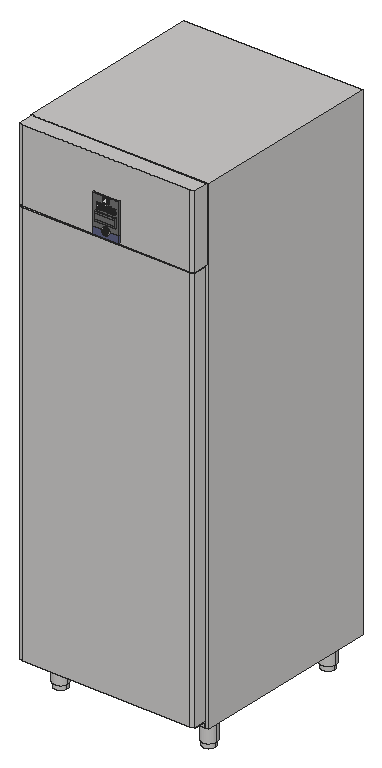
Revit family "QF_ELECTROLUXPROFESSIONAL_725245_REX71FFRCO2", category Specialty Equipment, Revit 2018
Family settings
  Round Connector Dimension = Use Diameter
  Part Type = Normal
  Work Plane-Based = No
  Always vertical = Yes
  Cut with Voids When Loaded = No
  Shared = No
  Room Calculation Point = No
Parameters (values of type "Standard")
  Weight = 102.00 kg
  Watts = 0 W
  Volts = 220 V
  URL Manufacturer = "http://professional.electrolux.com"
  URL = "http://professional.electrolux.com"
  Steam Supply Size = 0 mm
  Steam Supply Minimum Pressure = 0.0 Pa
  Steam Supply Maximum Pressure = 0.0 Pa
  Steam Pounds per Hour = 0
  Refrigeration Suction Line Size = 0.031 mm
  Refrigeration Liquid Line Size = 0.02 mm
  Refrigerant Compressor Remote = yes
  Manufacturer = "Electrolux Professional"
  Phase = 1
  Model = "REX71FFRCO2"
  Length Actual = 710 mm  # constant formula
  Item Number = "725245"
  Hot Water Size = 0 mm
  Height Actual = 2050 mm  # constant formula
  HP = "0.2 HP"
  Gas Size = 0 mm
  Gas KW = 0
  Gas Input Pressure = 0 W
  Direct Waste Size = 0 mm
  Description = "1-DOOR FREEZER 670L -22/-15°C,DIGITAL,REM, CO2 W/VALVE"
  Depth Actual = 835 mm  # constant formula
  Cycle = 60 Hz
  Condensate Return Size = 0 mm
  Compressed Air Volume = 0.0 L/s
  Compressed Air Size = 0 mm
  Compressed Air Pressure = 0.0 Pa
  Cold Water Size = 0 mm
  Accessory = yes
Reference planes
  plane 1 "Center (Front/Back)": y = 0
  plane 2: z = 0
  plane 3 "Center (Left/Right)": x = 0
  plane 4 "BASE": z = 110
  plane 5 "TOP": z = 2050
  plane 6 "FRONT": y = -417.5
  plane 7 "BACK": y = 417.5
  plane 8 "LEFT": x = -355
  plane 9 "RIGHT": x = 355
  plane 10 "RO_X": y = -166.5
  plane 11 "RO_Y": x = -245
  plane 12 "REMOTE_Z": z = 1802
  plane 13 "RI_Y": x = -205
  plane 14 "RI_X": y = -187.5
Forms (mm)
  Extrusion 1, solid, material "QF_Finishes_Stainless Steel"
    sketch origin (0, 0, 0) x (1, 0, 0) y (0, 1, 0)
      loop
        circle (-278, 344.5) r 25
      loop
        circle (278, 344.5) r 25
      loop
        circle (-295, -269.5) r 25
      loop
        circle (295, -269.5) r 25
    from 0 to 20
  Extrusion 2, solid, material "QF_Finishes_Stainless Steel"
    sketch origin (0, 0, 0) x (1, 0, 0) y (0, 1, 0)
      loop
        circle (-278, 344.5) r 30
      loop
        circle (278, 344.5) r 30
      loop
        circle (295, -269.5) r 30
      loop
        circle (-295, -269.5) r 30
    from 20 to 110
  Extrusion 3, solid, material "QF_Finishes_Stainless Steel"
    sketch origin (0, 0, 110) x (-1, 0, 0) y (0, -1, 0)
      loop
        line (355, -417.5) -> (355, 345.5) -> (-355, 345.5) -> (-355, -417.5) -> (355, -417.5)
    from 0 to 1940
  Extrusion 4, solid
    sketch origin (0, 417.5, 1660) x (-1, 0, 0) y (0, 0, 1)
      loop
        circle (339, 124) r 10
    from 0 to 3.2
  Extrusion 5, solid, material "QF_Door-Drawer Clearances", detail levels coarse
    sketch origin (0, 0, 110) x (-1, 0, 0) y (0, -1, 0)
      loop
        line (-345, 409.5) -> (-283, 409.5) -> (-283, 1006.5) -> (-301, 1006.5) -> (-301, 1024.5) -> (-323, 1024.5) -> (-323, 1062.5) -> (-345, 1062.5) -> (-345, 409.5)
    from 1642.965 to 28
  Extrusion 6, solid, material "QF_Door-Drawer Clearances", detail levels coarse
    sketch origin (0, 0, 110) x (-1, 0, 0) y (0, -1, 0)
      loop
        line (-283, 409.5) -> (347, 409.5)
        arc (347, 409.5) -> (150.684, 878.295) -> (-323, 1062.5) r 650
        line (-323, 1062.5) -> (-323, 1024.5) -> (-301, 1024.5) -> (-301, 1006.5) -> (-283, 1006.5) -> (-283, 409.5)
    from 1642.965 to 28
  Extrusion 7, solid, material "QF_Clearances", detail levels coarse
    sketch origin (0, 0, 110) x (-1, 0, 0) y (0, -1, 0)
      loop
        line (355, 417.5) -> (355, -417.5) -> (-355, -417.5) -> (-355, 417.5) -> (-385, 417.5) -> (-385, -447.5) -> (385, -447.5) -> (385, 417.5) -> (355, 417.5)
    from -110 to 1940
  Extrusion 8, solid, material "QF_Clearances", detail levels coarse
    sketch origin (0, 0, 2050) x (-1, 0, 0) y (0, -1, 0)
      loop
        line (385, -447.5) -> (385, 417.5) -> (-385, 417.5) -> (-385, -447.5) -> (385, -447.5)
    from 0 to 500
  Extrusion 9, void
    sketch origin (0, 417.5, 0) x (-1, 0, 0) y (0, 0, 1)
      loop
        line (280, 1724.965) -> (-280, 1724.965) -> (-280, 180) -> (0, 170) -> (280, 179.676) -> (280, 1724.965)
    from -56 to -763
  Extrusion 10, solid, material "QF_Finishes_Stainless Steel"
    sketch origin (0, 0, 2050) x (-1, 0, 0) y (0, -1, 0)
      loop
        circle (245, 166.5) r 4.75
    from -141.254 to -29
  Extrusion 11, solid, material "QF_Finishes_Stainless Steel"
    sketch origin (0, 0, 0) x (0, 1, 0) y (0, 0, 1)
      loop
        circle (-187.5, 1855) r 3
    from -90.986 to -205
Cuts and joins
  joined: Extrusion 7, Extrusion 8
  Extrusion 9 cuts Extrusion 3
Lines and regions (mm)
  symbolic lines, style "SpecialityEquipmentHiddenLines"
    curve 1: line (345, -409.5, 110) -> (345, -1062.5, 110)
    curve 2: line (345, -1062.5, 110) -> (323, -1062.5, 110)
    curve 3: line (283, -409.5, 110) -> (283, -1006.5, 110)
    curve 4: line (323, -1062.5, 110) -> (323, -1024.5, 110)
    curve 5: line (323, -1024.5, 110) -> (301, -1024.5, 110)
    curve 6: line (301, -1024.5, 110) -> (301, -1006.5, 110)
    curve 7: line (301, -1006.5, 110) -> (283, -1006.5, 110)
    curve 8: arc (-347, -409.5, 110) -> (-150.684, -878.295, 110) -> (323, -1062.5, 110) r 650
  symbolic lines, style "QF_Clearances", detail levels coarse
    curve 9: line (-355, -417.5, 2050) -> (-385, -417.5, 2050)
    curve 10: line (-385, -417.5, 2050) -> (-385, 447.5, 2050)
    curve 11: line (-385, 447.5, 2050) -> (385, 447.5, 2050)
    curve 12: line (385, 447.5, 2050) -> (385, -417.5, 2050)
    curve 13: line (385, -417.5, 2050) -> (355, -417.5, 2050)
  symbolic lines
    curve 14: line (355, 417.5, 2050) -> (-355, 417.5, 2050)
    curve 15: line (355, -345.5, 2050) -> (355, 417.5, 2050)
    curve 16: line (-355, -345.5, 2050) -> (355, -345.5, 2050)
    curve 17: line (-355, 417.5, 2050) -> (-355, -345.5, 2050)
Dimensions and locks
  equal spacing: plane 7 "BACK", plane 1 "Center (Front/Back)", plane 6 "FRONT"
  equal spacing: plane 8 "LEFT", plane 3 "Center (Left/Right)", plane 9 "RIGHT"
  plane 8 "LEFT" to plane 9 "RIGHT" = 710 mm
  plane 7 "BACK" to plane 6 "FRONT" = 835 mm
  plane 5 "TOP" to plane 2 = 2050 mm
  plane 7 "BACK" to plane 10 "RO_X" = 584 mm
  plane 8 "LEFT" to plane 11 "RO_Y" = 110 mm
  Extrusion 10 to plane 12 "REMOTE_Z" = 219 mm
  plane 14 "RI_X" to plane 7 "BACK" = 605 mm
  aligned and locked: level to plane 2
Automatic sketch dimensions
  Extrusion 3 sketch curve to plane 7 "BACK" = 0 mm
  Extrusion 3 sketch curve to plane 9 "RIGHT" = 0 mm
  Extrusion 3 sketch curve to plane 8 "LEFT" = 0 mm
  plane 8 "LEFT" to Extrusion 4 sketch curve = 16 mm
  plane 4 "BASE" to Extrusion 4 sketch curve = 1674 mm
  plane 9 "RIGHT" to curve 1 = 10 mm
  curve 1 to curve 2 = 22 mm
  plane 6 "FRONT" to curve 8 = 4.692 mm
  curve 7 to plane 6 "FRONT" = 589 mm
  curve 6 to curve 5 = 18 mm
  curve 4 to curve 2 = 38 mm
  plane 6 "FRONT" to curve 8 = 8 mm
  plane 6 "FRONT" to curve 1 = 8 mm
  plane 6 "FRONT" to curve 3 = 8 mm
  plane 9 "RIGHT" to Extrusion 5 sketch curve = 10 mm
  Extrusion 5 sketch curve to plane 6 "FRONT" = 589 mm
  Extrusion 5 sketch curve to Extrusion 5 sketch curve = 18 mm
  Extrusion 5 sketch curve to Extrusion 5 sketch curve = 38 mm
  plane 6 "FRONT" to Extrusion 5 sketch curve = 8 mm
  plane 6 "FRONT" to Extrusion 6 sketch curve = 4.692 mm
  Extrusion 6 sketch curve to Extrusion 6 sketch curve = 18 mm  (x2)
  Extrusion 6 sketch curve to Extrusion 6 sketch curve = 38 mm
  plane 8 "LEFT" to Extrusion 6 sketch curve = 8 mm
  plane 6 "FRONT" to Extrusion 6 sketch curve = 8 mm
  Extrusion 7 sketch curve to plane 6 "FRONT" = 0 mm  (x2)
  Extrusion 7 sketch curve to plane 7 "BACK" = 0 mm
  Extrusion 7 sketch curve to plane 9 "RIGHT" = 0 mm
  Extrusion 7 sketch curve to plane 8 "LEFT" = 0 mm
  Extrusion 7 sketch curve to plane 9 "RIGHT" = 30 mm
  Extrusion 7 sketch curve to plane 8 "LEFT" = 30 mm
  plane 7 "BACK" to Extrusion 7 sketch curve = 30 mm
  Extrusion 8 sketch curve to plane 6 "FRONT" = 0 mm
  Extrusion 8 sketch curve to plane 9 "RIGHT" = 30 mm
  Extrusion 8 sketch curve to plane 8 "LEFT" = 30 mm
  plane 7 "BACK" to Extrusion 8 sketch curve = 30 mm
  plane 8 "LEFT" to Extrusion 1 sketch curve = 60 mm
  plane 8 "LEFT" to Extrusion 1 sketch curve = 77 mm
  plane 9 "RIGHT" to Extrusion 1 sketch curve = 77 mm
  plane 9 "RIGHT" to Extrusion 1 sketch curve = 60 mm
  plane 6 "FRONT" to Extrusion 1 sketch curve = 148 mm  (x2)
  Extrusion 1 sketch curve to plane 7 "BACK" = 73 mm  (x2)
  plane 8 "LEFT" to Extrusion 2 sketch curve = 60 mm
  plane 8 "LEFT" to Extrusion 2 sketch curve = 77 mm
  plane 9 "RIGHT" to Extrusion 2 sketch curve = 77 mm
  plane 9 "RIGHT" to Extrusion 2 sketch curve = 60 mm
  plane 6 "FRONT" to Extrusion 2 sketch curve = 148 mm  (x2)
  Extrusion 2 sketch curve to plane 7 "BACK" = 73 mm  (x2)
  plane 6 "FRONT" to Extrusion 3 sketch curve = 72 mm
  curve 1 to curve 8 = 42.008 mm
  curve 4 to curve 5 = 22 mm
  curve 6 to curve 3 = 18 mm
  plane 9 "RIGHT" to Extrusion 5 sketch curve = 32 mm
  Extrusion 5 sketch curve to Extrusion 5 sketch curve = 22 mm
  Extrusion 5 sketch curve to Extrusion 5 sketch curve = 62 mm
  plane 9 "RIGHT" to Extrusion 6 sketch curve = 72 mm
  Extrusion 6 sketch curve to Extrusion 6 sketch curve = 19.992 mm
  Extrusion 6 sketch curve to Extrusion 6 sketch curve = 22 mm
  Extrusion 9 sketch curve to plane 3 "Center (Left/Right)" = 0 mm
  plane 8 "LEFT" to Extrusion 9 sketch curve = 75 mm
  plane 4 "BASE" to Extrusion 9 sketch curve = 60 mm
  plane 4 "BASE" to Extrusion 9 sketch curve = 69.676 mm
  Extrusion 9 sketch curve to plane 5 "TOP" = 325.035 mm
  plane 9 "RIGHT" to Extrusion 9 sketch curve = 75 mm
  Extrusion 9 sketch curve to Extrusion 9 sketch curve = 0.324 mm
  Extrusion 10 sketch curve to plane 10 "RO_X" = 0 mm
  Extrusion 10 sketch curve to plane 11 "RO_Y" = 0 mm
  Extrusion 11 sketch curve to plane 10 "RO_X" = 21 mm
  Extrusion 11 sketch curve to plane 12 "REMOTE_Z" = 53 mm
  curve 12 to plane 6 "FRONT" = 0 mm
  curve 15 to plane 7 "BACK" = 0 mm
  curve 15 to plane 9 "RIGHT" = 0 mm
  curve 13 to plane 9 "RIGHT" = 0 mm
  curve 17 to plane 8 "LEFT" = 0 mm
  curve 9 to plane 6 "FRONT" = 0 mm
  curve 9 to plane 8 "LEFT" = 0 mm
  curve 12 to plane 9 "RIGHT" = 30 mm
  curve 9 to curve 10 = 30 mm
  plane 7 "BACK" to curve 12 = 30 mm
  plane 6 "FRONT" to curve 15 = 72 mm
  radius of Extrusion 1 sketch curve = 25 mm  (x4)
  radius of Extrusion 2 sketch curve = 30 mm  (x4)
  radius of Extrusion 4 sketch curve = 10 mm
  radius of Extrusion 10 sketch curve = 4.75 mm
  radius of Extrusion 11 sketch curve = 3 mm
Nested families
  nested 1: "QF_725245_Door" at (0, -345.5, 968.365) x (1, 0, 0) z (0, -1, 0), type "QF_725245_Door"
    with Show Clearance yes
  nested 2: "Freezer" at (355, -417.5, 2050), type "Freezer"
Connectors
  electrical at (-339, 420.7, 1784), driven by "Volts"
    settings: on Extrusion 4, index 2, voltage 220 V, apparent load 0 VA, apparent load phase1 0 VA, apparent load phase2 0 VA, apparent load phase3 0 VA, power factor 1, load classification "Other", number of poles 1, system type 30, power factor state 1, is connector primary yes, connector utility no, sub classification motor no, connector description "Electrical Connection"
  piping at (-245, -166.5, 2021), diameter 9.5
    settings: on Extrusion 10, index 3, connector inside diameter 609.6 mm, connector length 0 mm, flow factor 0, pipe flow 0.0 L/s, pressure drop 0.0 Pa, fitting loss kfactor 0, connector angle 0.00°, fixture units 0, engagement length 0 mm, angle of deflection 0.00°, flow configuration 1, flow direction 2, fitting loss method 0, system type 8, joint type 0, gender type 0, connector reference index -1, connector utility 0, adjustable connector no, is connector primary yes, connector description "Refrigerant Outlet"
  piping at (-205, -187.5, 1855), diameter 6
    settings: on Extrusion 11, index 4, connector inside diameter 609.6 mm, connector length 0 mm, flow factor 0, pipe flow 0.0 L/s, pressure drop 0.0 Pa, fitting loss kfactor 0, connector angle 0.00°, fixture units 0, engagement length 0 mm, angle of deflection 0.00°, flow configuration 1, flow direction 1, fitting loss method 0, system type 7, joint type 0, gender type 0, connector reference index -1, connector utility 0, adjustable connector no, is connector primary no, connector description "Refrigerant Inlet"
Definition of nested family "QF_725245_Door"
  Parameters
    Show Clearance [instance] = yes
    Model = "725226"
    Default Elevation = 0 mm
  Reference planes
    plane 1 "Center (Front/Back)": y = 0
    plane 2: z = 0
    plane 3 "Center (Left/Right)": x = 0
  Forms (mm)
    Extrusion 1, solid
      sketch origin (0, -919.2, 0) x (1, 0, 0) y (0, 1, 0)
        loop
          line (-460, 2119.2) -> (-460, -162.846) -> (488.967, -162.846) -> (488.967, 2119.2) -> (-460, 2119.2)
      from 0 to -59.546
    Extrusion 2, solid
      sketch origin (0, 0, 0) x (1, 0, 0) y (0, 0, 1)
        loop
          line (-347, 60) -> (-347, 0) -> (347, 0) -> (347, 60) -> (332, 64) -> (-332, 64) -> (-347, 60)
      from -1081.6 to -791.6
    Extrusion 3, solid
      sketch origin (0, 0, 0) x (1, 0, 0) y (0, 0, 1)
        loop
          line (-347, 60) -> (-347, 26) -> (-325, 26) -> (-325, 8) -> (-307, 8) -> (-307, 0) -> (339, 0) -> (339, 8) -> (347, 8) -> (347, 60) -> (332, 64) -> (-332, 64) -> (-347, 60)
      from -784.6 to 830.4
    Extrusion 4, solid
      sketch origin (119, -516.365, 0) x (0, 1, 0) y (0, 0, 1)
        loop
          line (-323.003, 40.312) -> (-316.501, 40.312) -> (-316.501, 42.812) -> (-325.503, 42.812) -> (-325.503, 2.5) -> (-342, 2.5) -> (-342, 0) -> (-323.003, 0) -> (-323.003, 12.259) -> (-323.003, 40.312)
        loop
          line (-314, 38.311) -> (-316.501, 38.311) -> (-316.501, 14.304) -> (-319.752, 14.304) -> (-319.752, 11.804) -> (-314, 11.804) -> (-314, 38.311)
      from 185 to 220
    Extrusion 5, solid
      sketch origin (119, 469.597, 0) x (0, 1, 0) y (0, 0, 1)
        loop
          line (315.003, 27.948) -> (315.003, 2.948) -> (315.003, 0) -> (322.003, 0) -> (322.003, 2.5) -> (317.503, 2.5) -> (317.503, 27.948) -> (315.003, 27.948)
      from 185 to 220
  Lines and regions (mm)
    symbolic lines
      curve 1: line (-332, 0, 64) -> (332, 0, 64)
      curve 2: line (-347, 0, 0) -> (-347, 0, 60)
      curve 3: line (347, 0, 0) -> (-347, 0, 0)
      curve 4: line (347, 0, 60) -> (347, 0, 0)
      curve 5: line (-347, 0, 26) -> (-325, 0, 26)
      curve 6: line (-325, 0, 26) -> (-325, 0, 8)
      curve 7: line (-325, 0, 8) -> (-307, 0, 8)
      curve 8: line (-307, 0, 8) -> (-307, 0, 0)
      curve 9: line (339, 0, 8) -> (347, 0, 8)
      curve 10: line (339, 0, 8) -> (339, 0, 0)
      curve 11: line (-332, 0, 64) -> (-347, 0, 60)
      curve 12: line (332, 0, 64) -> (347, 0, 60)
  Dimensions and locks
    aligned and locked: plane 2 to Extrusion 1
    aligned and locked: level to Extrusion 1
  Nested families
    nested 1: "QF_DisplayStandardCabinets" at (0, 863.6, 64), type "QF_DisplayStandardCabinets"
      with Show Clearance yes
  Definition of nested family "QF_DisplayStandardCabinets"
    Parameters
      Show Clearance [instance] = yes
      Model = "728658"
      Default Elevation = 1219.2 mm
    Reference planes
      plane 1 "Center (Front/Back)": y = 0
      plane 2: z = 0
      plane 3 "Center (Left/Right)": x = 0
    Forms (mm)
      Extrusion 1, solid
        sketch origin (0, -919.2, 0) x (1, 0, 0) y (0, 1, 0)
          loop
            line (-198.75, 1146.2) -> (-198.75, 709.567) -> (165.741, 709.567) -> (165.741, 1146.2) -> (-198.75, 1146.2)
        from 0 to -59.546
      Extrusion 2, solid
        sketch origin (-59, -44.611, 0) x (0, 1, 0) y (-1, 0, 0)
          loop
            circle (0.611, -59) r 14
        from 4 to 7
      Extrusion 3, solid
        sketch origin (744.635, 320.889, 0) x (0, 1, 0) y (-1, 0, 0)
          loop
            circle (-364.889, 744.635) r 10
          loop
            circle (-364.889, 744.635) r 9
        from 4 to 8
      Extrusion 4, solid
        sketch origin (744.635, 320.889, 0) x (0, 1, 0) y (-1, 0, 0)
          loop
            circle (-364.889, 744.635) r 8.7
        from 4 to 8
      Extrusion 5, void
        sketch origin (744.635, 320.889, 0) x (0, 1, 0) y (-1, 0, 0)
          loop
            line (-372.339, 745.885) -> (-372.339, 743.385) -> (-362.339, 743.385) -> (-362.339, 745.885) -> (-372.339, 745.885)
        from 8.592 to 6.269
      Extrusion 6, solid
        sketch origin (744.635, 320.889, 0) x (0, 1, 0) y (-1, 0, 0)
          loop
            line (-372.339, 745.885) -> (-372.339, 743.385) -> (-362.339, 743.385) -> (-362.339, 745.885) -> (-372.339, 745.885)
        from 6 to 8
      Extrusion 7, solid
        sketch origin (0, 0, 0) x (1, 0, 0) y (0, 1, 0)
          loop
            line (-51.473, 80) -> (-51.473, -44) -> (-14, -44)
            arc (-14, -44) -> (0, -30) -> (14, -44) r 14
            line (14, -44) -> (50.954, -44) -> (50.954, 80) -> (-51.473, 80)
        from 0 to 4
      Extrusion 8, solid
        sketch origin (0, -30, 0) x (0, 1, 0) y (0, 0, 1)
          loop
            line (10.404, 4) -> (17.404, 4) -> (17.404, 8)
            arc (17.404, 8) -> (13.868, 7.749) -> (10.404, 7) r 25
            line (10.404, 7) -> (10.404, 4)
          loop
            arc (47.404, 7) -> (43.939, 7.749) -> (40.404, 8) r 25
            line (40.404, 8) -> (40.404, 4) -> (47.404, 4) -> (47.404, 7)
        from 40 to -40
      Extrusion 9, solid
        sketch origin (0, -30, 0) x (1, 0, 0) y (0, 1, 0)
          loop
            line (-40, 40.404) -> (-40, 17.404) -> (40, 17.404) -> (40, 40.404) -> (-40, 40.404)
        from 8 to 4
      Extrusion 10, solid
        sketch origin (46.005, 87.683, 0) x (1, 0, 0) y (0, 1, 0)
          loop
            line (-43.063, -13.359) -> (-43.063, -33.154)
            arc (-43.063, -33.154) -> (-35.746, -23.257) -> (-43.063, -13.359) r 10.352
          loop
            arc (-44.07, -13.359) -> (-52.302, -15.23) -> (-56.268, -22.683) r 10.145
            line (-56.268, -22.683) -> (-52.994, -22.683)
            arc (-52.994, -22.683) -> (-47.143, -20.308) -> (-44.07, -14.793) r 9.509
            line (-44.07, -14.793) -> (-44.07, -13.359)
          loop
            arc (-44.07, -31.721) -> (-47.143, -26.205) -> (-52.994, -23.831) r 9.509
            line (-52.994, -23.831) -> (-56.268, -23.831)
            arc (-56.268, -23.831) -> (-52.309, -31.345) -> (-44.07, -33.408) r 10.411
            line (-44.07, -33.408) -> (-44.07, -31.721)
          loop
            line (-57.02, -12.279) -> (-57.02, -34.279) -> (-34.99, -34.279) -> (-34.99, -12.279) -> (-57.02, -12.279)
        from 4 to 5.6
      Extrusion 11, solid
        sketch origin (-12.866, 61.032, 0) x (1, 0, 0) y (0, 1, 0)
          loop
            line (-15.272, -12.492) -> (-22.708, -12.492) -> (-22.708, -21.151)
            arc (-22.708, -21.151) -> (-21.729, -23.514) -> (-19.367, -24.492) r 3.341
            line (-19.367, -24.492) -> (-15.128, -24.492) -> (-15.128, -22.55) -> (-18.883, -22.55)
            arc (-18.883, -22.55) -> (-20.117, -22.133) -> (-20.642, -20.941) r 1.615
            line (-20.642, -20.941) -> (-20.642, -19.224) -> (-15.593, -19.224) -> (-15.593, -17.274) -> (-20.642, -17.274) -> (-20.642, -14.436) -> (-15.272, -14.436) -> (-15.272, -12.492)
          loop
            line (-13.66, -12.492) -> (-13.66, -24.492) -> (-11.593, -24.492) -> (-11.593, -12.492) -> (-13.66, -12.492)
          loop
            line (31.232, -12.492) -> (31.232, -24.492) -> (33.3, -24.492) -> (33.3, -12.492) -> (31.232, -12.492)
          loop
            line (-8.175, -20.66) -> (-1.392, -20.66)
            arc (-1.392, -20.66) -> (-2.453, -16.934) -> (-6.081, -15.575) r 4.298
            arc (-6.081, -15.575) -> (-9.277, -17.196) -> (-10.188, -20.66) r 4.373
            arc (-10.188, -20.66) -> (-8.988, -23.558) -> (-6.091, -24.758) r 4.097
            arc (-6.091, -24.758) -> (-3.837, -24.425) -> (-1.946, -23.152) r 5.15
            line (-1.946, -23.152) -> (-3.171, -21.928)
            arc (-3.171, -21.928) -> (-4.778, -22.892) -> (-6.645, -22.73) r 3.039
            arc (-6.645, -22.73) -> (-7.784, -21.972) -> (-8.175, -20.66) r 2.013
          loop
            line (-8.123, -19.207) -> (-3.469, -19.207)
            arc (-3.469, -19.207) -> (-4.122, -17.833) -> (-5.557, -17.326) r 1.983
            arc (-5.557, -17.326) -> (-7.213, -17.758) -> (-8.123, -19.207) r 2.321
          loop
            line (6.665, -18.342) -> (7.963, -17.044)
            arc (7.963, -17.044) -> (6.336, -15.866) -> (4.358, -15.514) r 4.497
            arc (4.358, -15.514) -> (1.341, -16.616) -> (-0.242, -19.411) r 4.652
            arc (-0.242, -19.411) -> (2.426, -24.31) -> (7.89, -23.18) r 4.684
            line (7.89, -23.18) -> (6.599, -21.89)
            arc (6.599, -21.89) -> (3.813, -22.811) -> (1.817, -20.66) r 2.714
            arc (1.817, -20.66) -> (1.956, -18.959) -> (3.127, -17.718) r 2.578
            arc (3.127, -17.718) -> (5.002, -17.432) -> (6.665, -18.342) r 2.961
          loop
            line (9.233, -12.492) -> (9.233, -20.693)
            arc (9.233, -20.693) -> (9.411, -21.923) -> (9.872, -23.078) r 5.301
            arc (9.872, -23.078) -> (11.347, -24.251) -> (13.216, -24.498) r 3.531
            line (13.216, -24.498) -> (13.216, -22.561)
            arc (13.216, -22.561) -> (12.66, -22.519) -> (12.142, -22.313) r 1.862
            arc (12.142, -22.313) -> (11.478, -21.611) -> (11.3, -20.66) r 1.713
            line (11.3, -20.66) -> (11.3, -17.691) -> (13.177, -17.691) -> (13.177, -15.813) -> (11.3, -15.813) -> (11.3, -12.492) -> (9.233, -12.492)
          loop
            arc (16.966, -19.93) -> (17.114, -19.065) -> (17.54, -18.298) r 2.607
            arc (17.54, -18.298) -> (18.779, -17.662) -> (20.17, -17.691) r 2.84
            line (20.17, -17.691) -> (20.17, -15.704)
            arc (20.17, -15.704) -> (18.352, -15.876) -> (16.966, -17.064) r 3.016
            line (16.966, -17.064) -> (16.966, -15.813) -> (14.916, -15.813) -> (14.916, -24.492) -> (16.966, -24.492) -> (16.966, -19.93)
          loop
            circle (25.224, -20.154) r 4.599
          loop
            circle (25.224, -20.154) r 2.787
          loop
            arc (40.755, -20.878) -> (40.245, -22.281) -> (38.861, -22.84) r 1.835
            arc (38.861, -22.84) -> (37.476, -22.281) -> (36.966, -20.878) r 1.835
            line (36.966, -20.878) -> (36.966, -15.813) -> (34.881, -15.813) -> (34.881, -21.05)
            arc (34.881, -21.05) -> (36.067, -23.754) -> (38.861, -24.712) r 3.675
            arc (38.861, -24.712) -> (41.685, -23.725) -> (42.839, -20.965) r 3.675
            line (42.839, -20.965) -> (42.839, -15.813) -> (40.755, -15.813) -> (40.755, -20.878)
          loop
            line (44.088, -15.813) -> (47.09, -19.889) -> (43.792, -24.495) -> (46.014, -24.495) -> (48.203, -21.438) -> (50.424, -24.495) -> (52.632, -24.495) -> (49.381, -19.842) -> (52.354, -15.813) -> (50.097, -15.813) -> (48.196, -18.39) -> (46.324, -15.813) -> (44.088, -15.813)
          loop
            line (-21.545, -29.467) -> (-23.194, -29.467) -> (-23.194, -33.617) -> (-22.292, -33.617) -> (-22.292, -32.188) -> (-21.295, -32.188)
            arc (-21.295, -32.188) -> (-20.179, -30.713) -> (-21.545, -29.467) r 1.372
          loop
            arc (-21.334, -31.373) -> (-20.993, -30.839) -> (-21.334, -30.306) r 0.587
            line (-21.334, -30.306) -> (-22.292, -30.306) -> (-22.292, -31.373) -> (-21.334, -31.373)
          loop
            line (-15.033, -29.467) -> (-16.71, -29.467) -> (-16.71, -33.617) -> (-15.808, -33.617) -> (-15.808, -32.188) -> (-14.935, -32.188) -> (-14.339, -33.617) -> (-13.37, -33.617) -> (-14.186, -31.867)
            arc (-14.186, -31.867) -> (-13.795, -31.4) -> (-13.664, -30.805) r 1.281
            arc (-13.664, -30.805) -> (-14.076, -29.857) -> (-15.033, -29.467) r 1.37
          loop
            line (-15.808, -30.306) -> (-15.808, -31.373) -> (-14.85, -31.373)
            arc (-14.85, -31.373) -> (-14.509, -30.839) -> (-14.85, -30.306) r 0.587
            line (-14.85, -30.306) -> (-15.808, -30.306)
          loop
            circle (-8.072, -31.542) r 2.156
          loop
            circle (-8.072, -31.542) r 1.368
          loop
            line (-2.373, -29.467) -> (-2.373, -33.617) -> (-1.493, -33.617) -> (-1.493, -32.167) -> (0.069, -32.167) -> (0.069, -31.237) -> (-1.493, -31.237) -> (-1.493, -30.361) -> (0.219, -30.361) -> (0.219, -29.467) -> (-2.373, -29.467)
          loop
            line (3.719, -29.467) -> (3.719, -32.269)
            arc (3.719, -32.269) -> (4.101, -33.219) -> (5.046, -33.614) r 1.327
            line (5.046, -33.614) -> (6.385, -33.614) -> (6.385, -32.83) -> (5.126, -32.83)
            arc (5.126, -32.83) -> (4.662, -32.447) -> (4.571, -31.852) r 0.845
            line (4.571, -31.852) -> (6.23, -31.852) -> (6.23, -31.068) -> (4.571, -31.068) -> (4.571, -30.251) -> (6.345, -30.251) -> (6.345, -29.467) -> (3.719, -29.467)
          loop
            arc (18.747, -29.993) -> (18.197, -29.542) -> (17.501, -29.398) r 1.485
            arc (17.501, -29.398) -> (16.858, -29.556) -> (16.329, -29.955) r 1.645
            arc (16.329, -29.955) -> (16.232, -30.897) -> (16.84, -31.624) r 1.217
            arc (16.84, -31.624) -> (17.351, -31.794) -> (17.836, -32.029) r 4.201
            arc (17.836, -32.029) -> (18.142, -32.39) -> (17.931, -32.814) r 0.43
            arc (17.931, -32.814) -> (17.539, -32.906) -> (17.149, -32.807) r 0.846
            arc (17.149, -32.807) -> (16.811, -32.564) -> (16.605, -32.203) r 0.983
            line (16.605, -32.203) -> (15.879, -32.542)
            arc (15.879, -32.542) -> (16.14, -33.046) -> (16.562, -33.427) r 1.595
            arc (16.562, -33.427) -> (17.04, -33.631) -> (17.557, -33.683) r 1.719
            arc (17.557, -33.683) -> (18.196, -33.556) -> (18.772, -33.25) r 2.246
            arc (18.772, -33.25) -> (19.027, -32.573) -> (18.896, -31.863) r 1.349
            arc (18.896, -31.863) -> (18.612, -31.535) -> (18.249, -31.298) r 1.564
            arc (18.249, -31.298) -> (17.79, -31.093) -> (17.32, -30.917) r 8.236
            arc (17.32, -30.917) -> (17.048, -30.494) -> (17.441, -30.181) r 0.375
            arc (17.441, -30.181) -> (17.911, -30.294) -> (18.273, -30.616) r 0.998
            line (18.273, -30.616) -> (18.747, -29.993)
          loop
            line (22.554, -29.467) -> (22.554, -33.614) -> (23.407, -33.614) -> (23.407, -29.467) -> (22.554, -29.467)
          loop
            circle (29.157, -31.541) r 1.29
          loop
            circle (29.157, -31.541) r 2.154
          loop
            line (34.878, -33.614) -> (35.739, -33.614) -> (35.739, -31.007) -> (37.636, -33.614) -> (38.465, -33.614) -> (38.465, -29.467) -> (37.604, -29.467) -> (37.604, -32.154) -> (35.707, -29.467) -> (34.878, -29.467) -> (34.878, -33.614)
          loop
            line (42.765, -33.614) -> (43.169, -32.72) -> (44.703, -32.72) -> (45.106, -33.614) -> (46.023, -33.614) -> (44.271, -29.467) -> (43.471, -29.467) -> (41.849, -33.614) -> (42.765, -33.614)
          loop
            line (44.32, -31.869) -> (43.909, -30.958) -> (43.51, -31.869) -> (44.32, -31.869)
          loop
            line (50.258, -32.83) -> (50.258, -29.467) -> (49.406, -29.467) -> (49.406, -33.614) -> (51.853, -33.614) -> (51.853, -32.83) -> (50.258, -32.83)
          loop
            arc (12.529, -29.993) -> (11.98, -29.542) -> (11.284, -29.398) r 1.485
            arc (11.284, -29.398) -> (10.641, -29.556) -> (10.112, -29.955) r 1.645
            arc (10.112, -29.955) -> (10.014, -30.897) -> (10.622, -31.624) r 1.217
            arc (10.622, -31.624) -> (11.133, -31.794) -> (11.618, -32.029) r 4.201
            arc (11.618, -32.029) -> (11.925, -32.39) -> (11.714, -32.814) r 0.43
            arc (11.714, -32.814) -> (11.322, -32.906) -> (10.931, -32.807) r 0.846
            arc (10.931, -32.807) -> (10.594, -32.564) -> (10.387, -32.203) r 0.983
            line (10.387, -32.203) -> (9.662, -32.542)
            arc (9.662, -32.542) -> (9.923, -33.046) -> (10.345, -33.427) r 1.595
            arc (10.345, -33.427) -> (10.823, -33.631) -> (11.34, -33.683) r 1.719
            arc (11.34, -33.683) -> (11.979, -33.556) -> (12.555, -33.25) r 2.246
            arc (12.555, -33.25) -> (12.809, -32.573) -> (12.678, -31.863) r 1.349
            arc (12.678, -31.863) -> (12.394, -31.535) -> (12.031, -31.298) r 1.564
            arc (12.031, -31.298) -> (11.573, -31.093) -> (11.102, -30.917) r 8.236
            arc (11.102, -30.917) -> (10.83, -30.494) -> (11.223, -30.181) r 0.375
            arc (11.223, -30.181) -> (11.694, -30.294) -> (12.056, -30.616) r 0.998
            line (12.056, -30.616) -> (12.529, -29.993)
        from 4 to 5.6
      Extrusion 12, solid
        sketch origin (0, 0, 0) x (1, 0, 0) y (0, 1, 0)
          loop
            line (-51.473, -44) -> (-51.473, -70) -> (50.954, -70) -> (50.954, -44) -> (14, -44)
            arc (14, -44) -> (0, -58) -> (-14, -44) r 14
            line (-14, -44) -> (-51.473, -44)
        from 0 to 4
    Cuts and joins
      Extrusion 5 cuts Extrusion 4
      joined: Extrusion 8, Extrusion 9
    Lines and regions (mm)
      Split face 1
        outline origin (-41, 10.404, 8) x (-1, 0, 0) y (0, -1, 0)
          loop
            line (-72.157, 0.05) -> (-72.157, 10.5) -> (-78.157, 10.5) -> (-78.157, 0.05) -> (-72.157, 0.05)
      Split face 2
        outline origin (-50, 10.404, 8) x (-1, 0, 0) y (0, -1, 0)
          loop
            line (-72.157, 0.05) -> (-72.157, 10.5) -> (-78.157, 10.5) -> (-78.157, 0.05) -> (-72.157, 0.05)
      Split face 3
        outline origin (-50, 10.404, 8) x (-1, 0, 0) y (0, -1, 0)
          loop
            line (-72.157, 12.45) -> (-72.157, 22.9) -> (-78.157, 22.9) -> (-78.157, 12.45) -> (-72.157, 12.45)
      Split face 4
        outline origin (-50, 10.404, 8) x (-1, 0, 0) y (0, -1, 0)
          loop
            line (-81.157, 12.45) -> (-81.157, 22.9) -> (-87.157, 22.9) -> (-87.157, 12.45) -> (-81.157, 12.45)
      Split face 5
        outline origin (-50, 10.404, 8) x (-1, 0, 0) y (0, -1, 0)
          loop
            line (-13, 0.1) -> (-13, 22.9) -> (-69, 22.9) -> (-69, 0.1) -> (-13, 0.1)
      symbolic lines
        curve 1: line (52.518, 0, 4) -> (-53.037, 0, 4)
        curve 2: line (40, 0, 4) -> (40, 0, 8)
        curve 3: line (40, 0, 8) -> (-40, 0, 8)
        curve 4: line (-40, 0, 8) -> (-40, 0, 4)
        curve 5: line (-64.765, 0, 0) -> (-53.037, 0, 4)
        curve 6: line (52.518, 0, 4) -> (64.135, 0, 0)
    Dimensions and locks
      aligned and locked: plane 2 to Extrusion 1
      aligned and locked: level to Extrusion 1
Definition of nested family "Freezer"
  Reference planes
    plane 1 "Center (Front/Back)": y = 0
    plane 2: z = 0
    plane 3 "Center (Left/Right)": x = 0
  Lines and regions (mm)
    detail lines, in view "Ref. Level"
      curve 1: spline (-500, 190, 0) -> (-493.185, 166.706, 0) -> (-473.205, 145, 0) -> (-441.421, 126.36, 0) -> (-400, 112.058, 0) -> (-351.764, 103.067, 0) -> (-300, 100, 0) -> (-248.236, 103.067, 0) -> (-200, 112.058, 0) -> (-158.579, 126.36, 0) -> (-126.795, 145, 0) -> (-106.815, 166.706, 0) -> (-100, 190, 0) -> (-106.815, 213.294, 0) -> (-126.795, 235, 0) -> (-158.579, 253.64, 0) -> (-200, 267.942, 0) -> (-248.236, 276.933, 0) -> (-300, 280, 0) -> (-351.764, 276.933, 0) -> (-400, 267.942, 0) -> (-441.421, 253.64, 0) -> (-473.205, 235, 0) -> (-493.185, 213.294, 0) -> (-500, 190, 0)
      curve 2: line (-220, 130, 0) -> (-220, 250, 0)
      curve 3: line (-271.962, 220, 0) -> (-168.038, 160, 0)
      curve 4: line (-271.962, 160, 0) -> (-168.038, 220, 0)
      curve 5: line (-200.884, 246.873, 0) -> (-220, 225, 0)
      curve 6: line (-220, 225, 0) -> (-239.116, 246.873, 0)
      curve 7: line (-250.311, 207.5, 0) -> (-260, 235.883, 0)
      curve 8: line (-279.736, 201.7, 0) -> (-250.311, 207.5, 0)
      curve 9: line (-250.311, 172.5, 0) -> (-279.736, 178.3, 0)
      curve 10: line (-260, 144.117, 0) -> (-250.311, 172.5, 0)
      curve 11: line (-220, 155, 0) -> (-239.116, 133.127, 0)
      curve 12: line (-200.884, 133.127, 0) -> (-220, 155, 0)
      curve 13: line (-189.689, 172.5, 0) -> (-180.304, 145.008, 0)
      curve 14: line (-161.188, 178.118, 0) -> (-189.689, 172.5, 0)
      curve 15: line (-189.689, 207.5, 0) -> (-161.188, 201.882, 0)
      curve 16: line (-180.304, 234.992, 0) -> (-189.689, 207.5, 0)
      curve 17: line (-380, 130, 0) -> (-380, 250, 0)
      curve 18: line (-431.962, 220, 0) -> (-328.038, 160, 0)
      curve 19: line (-431.962, 160, 0) -> (-328.038, 220, 0)
      curve 20: line (-360.884, 246.873, 0) -> (-380, 225, 0)
      curve 21: line (-380, 225, 0) -> (-399.116, 246.873, 0)
      curve 22: line (-410.311, 207.5, 0) -> (-419.696, 234.992, 0)
      curve 23: line (-438.812, 201.882, 0) -> (-410.311, 207.5, 0)
      curve 24: line (-410.311, 172.5, 0) -> (-438.812, 178.118, 0)
      curve 25: line (-419.696, 145.008, 0) -> (-410.311, 172.5, 0)
      curve 26: line (-380, 155, 0) -> (-399.116, 133.127, 0)
      curve 27: line (-360.884, 133.127, 0) -> (-380, 155, 0)
      curve 28: line (-349.689, 172.5, 0) -> (-340, 144.117, 0)
      curve 29: line (-320.264, 178.3, 0) -> (-349.689, 172.5, 0)
      curve 30: line (-349.689, 207.5, 0) -> (-320.264, 201.7, 0)
      curve 31: line (-340, 235.883, 0) -> (-349.689, 207.5, 0)
